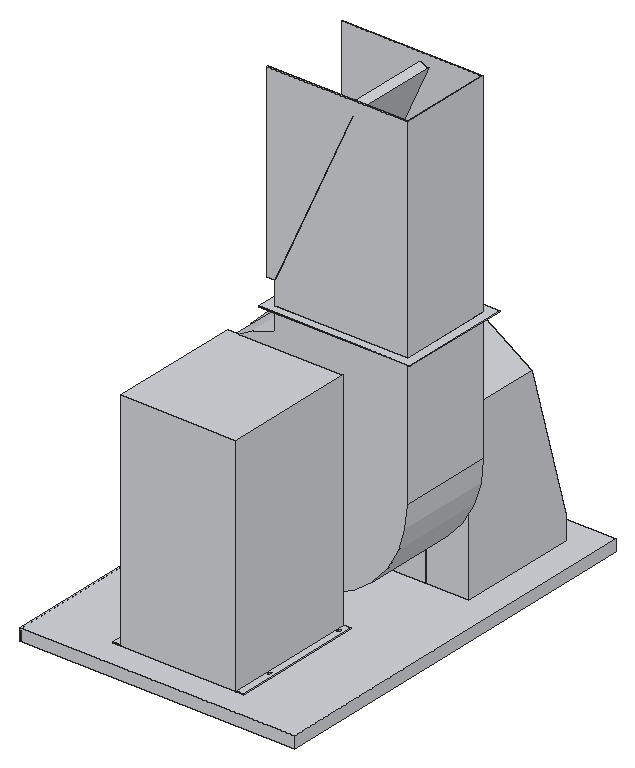
Revit family "CPSLE", category Mechanical Equipment, Revit 2019
Family settings
  Round Connector Dimension = Use Diameter
  Part Type = Normal
  Work Plane-Based = No
  Always vertical = Yes
  Cut with Voids When Loaded = No
  Shared = No
  Room Calculation Point = No
Parameters (values of type "210_CPSLE")
  Z = 0' - 8 7/8"
  Y = 0' - 10 5/8"
  X = 2' - 2 3/16"
  W+M = W + M  # 1' - 11 1/8"
  W+1.5+K+L = W + 0' 1 1/2" + K + L  # 3' - 4 1/4"
  W+1.5 = W + 0' 1 1/2"  # 0' - 6 1/2"
  W = 0' - 5"
  V = 0' - 10"
  Unit Weight [instance] = ""
  U-.125 = U - 0' 0 1/8"  # 0' - 1 1/2"
  U = 0' - 1 5/8"
  T = 0' - 0 3/4"
  Sones [instance] = ""
  S/2 = S / 2  # 0' - 0 9/32"
  S = 0' - 0 9/16"
  R = 0' - 1"
  Q = 0' - 4"
  P-U = P - U  # 3' - 7 3/4"
  P = 3' - 9 3/8"
  N = 1' - 5 7/8"
  Motor RPM [instance] = ""
  Motor Enclosure [instance] = ""
  ModelID [instance] = ""
  M = 1' - 6 1/8"
  LwA [instance] = ""
  L = 1' - 6 3/4"
  K = 1' - 3"
  J = 1' - 7 5/16"
  HEIGHT*.9 = P * 0.9  # 3' - 4.8375"
  H = 3' - 2 7/8"
  G-V = G - V  # 0' - 1 3/8"
  G = 0' - 11 3/8"
  Fan RPM [instance] = ""
  F-.125 = F - 0' 0 1/8"  # 1' - 5"
  F = 1' - 5 1/8"
  E-U = E - U  # 3' - 2 5/16"
  E-B-U = 3' - 1 5/16"
  E = 3' - 3 15/16"
  D = 2' - 1 3/8"
  CPSLE_C = 7' - 0 1/16"
  CPSLE_B = 2' - 0 5/16"
  CPSLE_A = 1' - 4 1/16"
  CAP_J/2 = CAP_J / 2  # 1' - 11 3/4"
  CAP_J = 3' - 11 1/2"
  CAP_H = 5' - 9 1/2"
  CAP_G/2 = CAP_G / 2  # 1' - 6 13/16"
  CAP_G*.3 = CAP_G * 0.2  # 0' - 7.525"
  CAP_G = 3' - 1 5/8"
  CAP_F = 0' - 4 15/16"
  CAP_E+CAP_D = CAP_E + CAP_D  # 2' - 1 5/8"
  CAP_E = 0' - 4 5/8"  # constant formula
  CAP_D/2 = CAP_D / 2  # 0' - 10 1/2"
  CAP_D = 1' - 9"
  CPSLE_C-P-2" = CPSLE_C - P - 0' 6"  # 2' - 8 11/16"
  C/8*7 = C / 8 * 2.5  # 0' - 8 27/256"
  C/8 = C / 6  # 0' - 4.32292"
  C/2 = C / 2  # 1' - 0 31/32"
  C = 2' - 1 15/16"
  Brake Hp [instance] = ""
  B = 1' - 11"
  Accessories [instance] = ""
  A+.25 = A + 0' 0 1/4"  # 1' - 4 5/16"
  A = 1' - 4 1/16"
  CUT = 0' - 2"
  4" = 0' - 4"  # constant formula
  135 = 133.625°
  1'8" = 1' - 8"  # constant formula
  0 = 0' - 0"  # constant formula
  Voltage [instance] = 0 V
  URL = "www.lorencook.com"
  Type Comments = "Lab Exhaust Flat Blade Centrifugal Blower Inlet Box & Curb Cap"  # constant formula
  Static Pressure [instance] = 0.00 in-wg
  Power [instance] = Voltage * Motor FLA * sqrt(if(Phase = 3, 3, 1))  # 0 VA
  Phase [instance] = 0
  Number of Poles [instance] = 1
  Motor Hp [instance] = "0"
  Motor FLA [instance] = 0 A
  Model = "CPSLE"  # constant formula
  Manufacturer = "Loren Cook Company"
  CFM [instance] = 0 CFM
  1.5 = 0' - 1 1/2"  # constant formula
  ONE EIGTH = 0' - 0 1/8"  # constant formula
  -CAP_E = -(CAP_E)  # -0' - 4 5/8"
  -A = -A  # -1' - 4 1/16"
  -1.5 = -0' - 1 1/2"  # constant formula
  -.125 = -0' - 0 1/8"  # constant formula
  -(CAP_G/2) = -(CAP_G / 2)  # -1' - 6 13/16"
  -(CAP_D+CAP_E) = -(CAP_D + CAP_E)  # -2' - 1 5/8"
  -(A+.25) = -(A + 0' 0 1/4")  # -1' - 4 5/16"
  (C/2)-1.5 = (C / 2) - 0' 1 1/2"  # 0' - 11 15/32"
  (C/2)-.25 = (C / 2) - 0' 0 1/4"  # 1' - 0 23/32"
Types (14): name | Z | Y | X | W+M | W+1.5+K+L | W+1.5 | W | V | U-.125 | U | T | S/2 | S | R | Q | P-U | P | N | M | L | K | J | HEIGHT*.9 | H | G-V | G | F-.125 | F | E-U | E | D | CPSLE_C | CPSLE_B | CPSLE_A | CAP_J/2 | CAP_J | CAP_H | CAP_G/2 | CAP_G*.3 | CAP_G | CAP_F | CAP_E+CAP_D | CAP_D/2 | CAP_D | CPSLE_C-P-2" | C/8*7 | C/8 | C/2 | C | B | A+.25 | A | CUT | -A | -(CAP_G/2) | -(CAP_D+CAP_E) | -(A+.25) | (C/2)-1.5 | (C/2)-.25
  (no name) | 0' - 8 7/8" | 0' - 10 5/8" | 2' - 2 3/16" | 1' - 11 1/8" | 3' - 4 1/4" | 0' - 6 1/2" | 0' - 5" | 0' - 10" | 0' - 1 1/2" | 0' - 1 5/8" | 0' - 0 3/4" | 0' - 0 9/32" | 0' - 0 9/16" | 0' - 1" | 0' - 4" | 3' - 7 3/4" | 3' - 9 3/8" | 1' - 5 7/8" | 1' - 6 1/8" | 1' - 6 3/4" | 1' - 3" | 1' - 7 5/16" | 3' - 4.8375" | 3' - 2 7/8" | 0' - 1 3/8" | 0' - 11 3/8" | 1' - 5" | 1' - 5 1/8" | 3' - 2 5/16" | 3' - 3 15/16" | 2' - 1 3/8" | 7' - 0 1/16" | 2' - 0 5/16" | 1' - 4 1/16" | 1' - 11 3/4" | 3' - 11 1/2" | 5' - 9 1/2" | 1' - 6 13/16" | 0' - 7.525" | 3' - 1 5/8" | 0' - 4 15/16" | 2' - 1 5/8" | 0' - 10 1/2" | 1' - 9" | 2' - 8 11/16" | 0' - 8 27/256" | 0' - 4.32292" | 1' - 0 31/32" | 2' - 1 15/16" | 1' - 11" | 1' - 4 5/16" | 1' - 4 1/16" | 0' - 2" | -1' - 4 1/16" | -1' - 6 13/16" | -2' - 1 5/8" | -1' - 4 5/16" | 0' - 11 15/32" | 1' - 0 23/32"
  135_CPSLE | 0' - 6" | 0' - 8 5/8" | 1' - 5 15/16" | 1' - 7 1/8" | 2' - 6 1/2" | 0' - 5 1/2" | 0' - 4" | 0' - 8" | 0' - 1 1/2" | 0' - 1 5/8" | 0' - 0 3/4" | 0' - 0 9/32" | 0' - 0 9/16" | 0' - 0 3/4" | 0' - 3" | 2' - 6 1/4" | 2' - 7 7/8" | 1' - 0 1/8" | 1' - 3 1/8" | 1' - 1" | 1' - 0" | 1' - 1 1/2" | 2' - 4 11/16" | 2' - 3" | 0' - 1 3/8" | 0' - 9 3/8" | 0' - 10 7/8" | 0' - 11" | 2' - 0 1/16" | 2' - 1 11/16" | 1' - 6" | 5' - 0 1/16" | 1' - 4 1/16" | 0' - 10 5/16" | 1' - 4 3/4" | 2' - 9 1/2" | 4' - 5 1/2" | 1' - 0 1/2" | 0' - 5" | 2' - 1" | 0' - 4 5/8" | 1' - 6 5/8" | 0' - 7" | 1' - 2" | 1' - 10 3/16" | 0' - 5 65/128" | 0' - 2 15/16" | 0' - 8 13/16" | 1' - 5 5/8" | 1' - 2 3/4" | 0' - 10 9/16" | 0' - 10 5/16" | 0' - 2" | -0' - 10 5/16" | -1' - 0 1/2" | -1' - 6 5/8" | -0' - 10 9/16" | 0' - 7 5/16" | 0' - 8 9/16"
  150_CPSLE | 0' - 6 9/16" | 0' - 8 5/8" | 1' - 7 5/8" | 1' - 7 1/8" | 2' - 7 5/8" | 0' - 5 1/2" | 0' - 4" | 0' - 8" | 0' - 1 1/2" | 0' - 1 5/8" | 0' - 0 3/4" | 0' - 0 9/32" | 0' - 0 9/16" | 0' - 0 3/4" | 0' - 3" | 2' - 8 3/4" | 2' - 10 3/8" | 1' - 1 1/4" | 1' - 3 1/8" | 1' - 2 1/8" | 1' - 0" | 1' - 2 5/8" | 2' - 6 15/16" | 2' - 5 1/16" | 0' - 1 3/8" | 0' - 9 3/8" | 1' - 0 1/16" | 1' - 0 3/16" | 2' - 2 7/8" | 2' - 4 1/2" | 1' - 7 1/16" | 5' - 4 1/16" | 1' - 5 3/4" | 0' - 11 7/16" | 1' - 6 1/4" | 3' - 0 1/2" | 4' - 7 1/2" | 1' - 1 11/16" | 0' - 5.475" | 2' - 3 3/8" | 0' - 4 9/16" | 1' - 8" | 0' - 7 11/16" | 1' - 3 3/8" | 1' - 11 11/16" | 0' - 5 125/128" | 0' - 3 3/16" | 0' - 9 9/16" | 1' - 7 1/8" | 1' - 4 7/16" | 0' - 11 11/16" | 0' - 11 7/16" | 0' - 2" | -0' - 11 7/16" | -1' - 1 11/16" | -1' - 8" | -0' - 11 11/16" | 0' - 8 1/16" | 0' - 9 5/16"
  165_CPSLE | 0' - 7 3/16" | 0' - 8 5/8" | 1' - 9 1/4" | 1' - 7 1/8" | 2' - 8 13/16" | 0' - 5 1/2" | 0' - 4" | 0' - 8" | 0' - 1 1/2" | 0' - 1 5/8" | 0' - 0 3/4" | 0' - 0 9/32" | 0' - 0 9/16" | 0' - 0 3/4" | 0' - 3" | 2' - 11 3/16" | 3' - 0 13/16" | 1' - 2 7/16" | 1' - 3 1/8" | 1' - 3 5/16" | 1' - 0" | 1' - 3 13/16" | 2' - 9.13125" | 2' - 7 7/16" | 0' - 1 3/8" | 0' - 9 3/8" | 1' - 1 1/4" | 1' - 1 3/8" | 2' - 5 11/16" | 2' - 7 5/16" | 1' - 8 7/16" | 5' - 8 3/8" | 1' - 7 3/8" | 1' - 0 5/8" | 1' - 7 1/4" | 3' - 2 1/2" | 4' - 10 1/2" | 1' - 2 13/16" | 0' - 5.925" | 2' - 5 5/8" | 0' - 4 5/8" | 1' - 9 1/4" | 0' - 8 5/16" | 1' - 4 5/8" | 2' - 1 9/16" | 0' - 6 159/256" | 0' - 3 17/32" | 0' - 10 19/32" | 1' - 9 3/16" | 1' - 6 1/16" | 1' - 0 7/8" | 1' - 0 5/8" | 0' - 2" | -1' - 0 5/8" | -1' - 2 13/16" | -1' - 9 1/4" | -1' - 0 7/8" | 0' - 9 3/32" | 0' - 10 11/32"
  180_CPSLE | 0' - 7 3/4" | 0' - 9 5/8" | 1' - 10 7/8" | 1' - 7 1/8" | 2' - 9 15/16" | 0' - 5 1/2" | 0' - 4" | 0' - 9" | 0' - 1 1/2" | 0' - 1 5/8" | 0' - 0 3/4" | 0' - 0 9/32" | 0' - 0 9/16" | 0' - 1" | 0' - 3" | 3' - 2 1/16" | 3' - 3 11/16" | 1' - 3 9/16" | 1' - 3 1/8" | 1' - 4 7/16" | 1' - 0" | 1' - 4 15/16" | 2' - 11 23/32" | 2' - 9 9/16" | 0' - 1 3/8" | 0' - 10 3/8" | 1' - 2 1/2" | 1' - 2 5/8" | 2' - 8 9/16" | 2' - 10 3/16" | 1' - 10 1/16" | 6' - 1 5/8" | 1' - 9" | 1' - 1 3/4" | 1' - 8 1/4" | 3' - 4 1/2" | 5' - 0 1/2" | 1' - 4" | 0' - 6.4" | 2' - 8" | 0' - 4 5/8" | 1' - 10 5/8" | 0' - 9" | 1' - 6" | 2' - 3 15/16" | 0' - 7 23/256" | 0' - 3 25/32" | 0' - 11 11/32" | 1' - 10 11/16" | 1' - 7 11/16" | 1' - 2" | 1' - 1 3/4" | 0' - 2" | -1' - 1 3/4" | -1' - 4" | -1' - 10 5/8" | -1' - 2" | 0' - 9 27/32" | 0' - 11 3/32"
  195_CPSLE | 0' - 8 5/16" | 0' - 9 5/8" | 2' - 0 1/2" | 1' - 10 1/8" | 3' - 2 1/8" | 0' - 5 1/2" | 0' - 4" | 0' - 9" | 0' - 1 1/2" | 0' - 1 5/8" | 0' - 0 3/4" | 0' - 0 9/32" | 0' - 0 9/16" | 0' - 1" | 0' - 3" | 3' - 3 1/4" | 3' - 4 7/8" | 1' - 4 3/4" | 1' - 6 1/8" | 1' - 5 5/8" | 1' - 3" | 1' - 6 3/16" | 3' - 0.7875" | 2' - 11 11/16" | 0' - 1 3/8" | 0' - 10 3/8" | 1' - 3 11/16" | 1' - 3 13/16" | 2' - 11 3/8" | 3' - 1" | 1' - 11 11/16" | 6' - 5 3/4" | 1' - 10 5/8" | 1' - 2 15/16" | 1' - 9 3/4" | 3' - 7 1/2" | 5' - 6 1/2" | 1' - 5 3/16" | 0' - 6 7/8" | 2' - 10 3/8" | 0' - 4 7/8" | 2' - 0" | 0' - 9 11/16" | 1' - 7 3/8" | 2' - 6 7/8" | 0' - 7 143/256" | 0' - 4 1/32" | 1' - 0 3/32" | 2' - 0 3/16" | 1' - 9 5/16" | 1' - 3 3/16" | 1' - 2 15/16" | 0' - 2" | -1' - 2 15/16" | -1' - 5 3/16" | -2' - 0" | -1' - 3 3/16" | 0' - 10 19/32" | 0' - 11 27/32"
  210_CPSLE | 0' - 8 7/8" | 0' - 10 5/8" | 2' - 2 3/16" | 1' - 11 1/8" | 3' - 4 1/4" | 0' - 6 1/2" | 0' - 5" | 0' - 10" | 0' - 1 1/2" | 0' - 1 5/8" | 0' - 0 3/4" | 0' - 0 9/32" | 0' - 0 9/16" | 0' - 1" | 0' - 4" | 3' - 7 3/4" | 3' - 9 3/8" | 1' - 5 7/8" | 1' - 6 1/8" | 1' - 6 3/4" | 1' - 3" | 1' - 7 5/16" | 3' - 4.8375" | 3' - 2 7/8" | 0' - 1 3/8" | 0' - 11 3/8" | 1' - 5" | 1' - 5 1/8" | 3' - 2 5/16" | 3' - 3 15/16" | 2' - 1 3/8" | 7' - 0 1/16" | 2' - 0 5/16" | 1' - 4 1/16" | 1' - 11 3/4" | 3' - 11 1/2" | 5' - 9 1/2" | 1' - 6 13/16" | 0' - 7.525" | 3' - 1 5/8" | 0' - 4 15/16" | 2' - 1 5/8" | 0' - 10 1/2" | 1' - 9" | 2' - 8 11/16" | 0' - 8 27/256" | 0' - 4.32292" | 1' - 0 31/32" | 2' - 1 15/16" | 1' - 11" | 1' - 4 5/16" | 1' - 4 1/16" | 0' - 2" | -1' - 4 1/16" | -1' - 6 13/16" | -2' - 1 5/8" | -1' - 4 5/16" | 0' - 11 15/32" | 1' - 0 23/32"
  225_CPSLE | 0' - 9 7/16" | 0' - 11 1/8" | 2' - 3 13/16" | 1' - 11 1/8" | 3' - 5 3/8" | 0' - 6 1/2" | 0' - 5" | 0' - 10 1/2" | 0' - 1 1/2" | 0' - 1 5/8" | 0' - 0 3/4" | 0' - 0 9/32" | 0' - 0 9/16" | 0' - 1" | 0' - 4" | 3' - 10" | 3' - 11 5/8" | 1' - 7" | 1' - 6 1/8" | 1' - 7 7/8" | 1' - 3" | 1' - 8 7/16" | 3' - 6.8625" | 3' - 5" | 0' - 1 3/8" | 0' - 11 7/8" | 1' - 6 3/16" | 1' - 6 5/16" | 3' - 5 1/8" | 3' - 6 3/4" | 2' - 3" | 7' - 5" | 2' - 1 15/16" | 1' - 5 3/16" | 2' - 0 3/4" | 4' - 1 1/2" | 6' - 0 1/2" | 1' - 8 1/16" | 0' - 8.025" | 3' - 4 1/8" | 0' - 4 11/16" | 2' - 3 1/8" | 0' - 11 1/4" | 1' - 10 1/2" | 2' - 11 3/8" | 0' - 8 147/256" | 0' - 4.57292" | 1' - 1 23/32" | 2' - 3 7/16" | 2' - 0 5/8" | 1' - 5 7/16" | 1' - 5 3/16" | 0' - 2" | -1' - 5 3/16" | -1' - 8 1/16" | -2' - 3 1/8" | -1' - 5 7/16" | 1' - 0 7/32" | 1' - 1 15/32"
  245_CPSLE | 0' - 10 1/2" | 1' - 0 3/8" | 2' - 7" | 1' - 11 1/8" | 3' - 7 3/16" | 0' - 6 1/2" | 0' - 5" | 0' - 11 1/2" | 0' - 2" | 0' - 2 1/8" | 0' - 1" | 0' - 0 11/32" | 0' - 0 11/16" | 0' - 1" | 0' - 4" | 4' - 1 1/4" | 4' - 3 3/8" | 1' - 9 1/16" | 1' - 6 1/8" | 1' - 9 11/16" | 1' - 3" | 1' - 11" | 3' - 10.2375" | 3' - 8 5/8" | 0' - 1 7/8" | 1' - 1 3/8" | 1' - 7 3/4" | 1' - 7 7/8" | 3' - 8 3/8" | 3' - 10 1/2" | 2' - 5 5/8" | 7' - 10 9/16" | 2' - 4 1/8" | 1' - 6 3/4" | 2' - 1 3/4" | 4' - 3 1/2" | 6' - 3 1/2" | 1' - 9 1/4" | 0' - 8 1/2" | 3' - 6 1/2" | 0' - 4 7/8" | 2' - 4 5/8" | 1' - 0" | 2' - 0" | 3' - 1 3/16" | 0' - 9 51/256" | 0' - 4 29/32" | 1' - 2 23/32" | 2' - 5 7/16" | 2' - 2 13/16" | 1' - 7" | 1' - 6 3/4" | 0' - 2" | -1' - 6 3/4" | -1' - 9 1/4" | -2' - 4 5/8" | -1' - 7" | 1' - 1 7/32" | 1' - 2 15/32"
  120_CPSLE | 0' - 5 7/16" | 0' - 8 5/8" | 1' - 4 5/16" | 1' - 5 1/8" | 2' - 3 3/8" | 0' - 5 1/2" | 0' - 4" | 0' - 8" | 0' - 1 1/2" | 0' - 1 5/8" | 0' - 0 3/4" | 0' - 0 9/32" | 0' - 0 9/16" | 0' - 0 3/4" | 0' - 3" | 2' - 5 3/4" | 2' - 7 3/8" | 0' - 11" | 1' - 1 1/8" | 0' - 11 7/8" | 0' - 10" | 1' - 0 3/8" | 2' - 4.2375" | 2' - 2 1/4" | 0' - 1 3/8" | 0' - 9 3/8" | 0' - 9 5/8" | 0' - 9 3/4" | 1' - 9 3/16" | 1' - 10 13/16" | 1' - 6" | 4' - 8 5/8" | 1' - 2 7/16" | 0' - 9 3/16" | 1' - 3 3/4" | 2' - 7 1/2" | 4' - 0 1/2" | 0' - 11 5/16" | 0' - 4.525" | 1' - 10 5/8" | 0' - 4 5/8" | 1' - 5 3/8" | 0' - 6 3/8" | 1' - 0 3/4" | 1' - 7 1/4" | 0' - 5 5/128" | 0' - 2 11/16" | 0' - 8 1/16" | 1' - 4 1/8" | 1' - 1 1/8" | 0' - 9 7/16" | 0' - 9 3/16" | 0' - 2 1/2" | -0' - 9 3/16" | -0' - 11 5/16" | -1' - 5 3/8" | -0' - 9 7/16" | 0' - 6 9/16" | 0' - 7 13/16"
  100_CPSLE | 0' - 4 5/8" | 0' - 8 5/8" | 1' - 2 1/16" | 1' - 5 1/8" | 2' - 1 3/4" | 0' - 5 1/2" | 0' - 4" | 0' - 8" | 0' - 1 1/2" | 0' - 1 5/8" | 0' - 0 3/4" | 0' - 0 9/32" | 0' - 0 9/16" | 0' - 0 3/4" | 0' - 3" | 2' - 5 1/8" | 2' - 6 3/4" | 0' - 9 3/8" | 1' - 1 1/8" | 0' - 10 1/4" | 0' - 10" | 0' - 10 3/4" | 2' - 3.675" | 2' - 1 1/4" | 0' - 1 3/8" | 0' - 9 3/8" | 0' - 8" | 0' - 8 1/8" | 1' - 5 3/8" | 1' - 7" | 1' - 6" | 4' - 3 3/4" | 1' - 0 3/16" | 0' - 7 9/16" | 1' - 3 3/4" | 2' - 7 1/2" | 3' - 11 1/2" | 0' - 11 5/16" | 0' - 4.525" | 1' - 10 5/8" | 0' - 4 5/8" | 1' - 5 3/8" | 0' - 6 3/8" | 1' - 0 3/4" | 1' - 3" | 0' - 4 53/128" | 0' - 2.35417" | 0' - 7 1/16" | 1' - 2 1/8" | 0' - 10 15/16" | 0' - 7 13/16" | 0' - 7 9/16" | 0' - 3 1/2" | -0' - 7 9/16" | -0' - 11 5/16" | -1' - 5 3/8" | -0' - 7 13/16" | 0' - 5 9/16" | 0' - 6 13/16"
  60_CPSLE | 0' - 4 5/8" | 0' - 8 5/8" | 1' - 2 1/16" | 1' - 5 1/8" | 2' - 1 3/4" | 0' - 5 1/2" | 0' - 4" | 0' - 8" | 0' - 1 1/2" | 0' - 1 5/8" | 0' - 0 3/4" | 0' - 0 9/32" | 0' - 0 9/16" | 0' - 0 3/4" | 0' - 3" | 2' - 5 1/8" | 2' - 6 3/4" | 0' - 9 3/8" | 1' - 1 1/8" | 0' - 10 1/4" | 0' - 10" | 0' - 10 3/4" | 2' - 3.675" | 2' - 1 1/4" | 0' - 1 3/8" | 0' - 9 3/8" | 0' - 8" | 0' - 8 1/8" | 1' - 5 3/8" | 1' - 7" | 1' - 6" | 4' - 3 3/4" | 1' - 0 3/16" | 0' - 7 9/16" | 1' - 3 3/4" | 2' - 7 1/2" | 3' - 11 1/2" | 0' - 11 5/16" | 0' - 4.525" | 1' - 10 5/8" | 0' - 4 5/8" | 1' - 5 3/8" | 0' - 6 3/8" | 1' - 0 3/4" | 1' - 3" | 0' - 4 53/128" | 0' - 2.35417" | 0' - 7 1/16" | 1' - 2 1/8" | 0' - 10 15/16" | 0' - 7 13/16" | 0' - 7 9/16" | 0' - 3 1/2" | -0' - 7 9/16" | -0' - 11 5/16" | -1' - 5 3/8" | -0' - 7 13/16" | 0' - 5 9/16" | 0' - 6 13/16"
  70_CPSLE | 0' - 4 5/8" | 0' - 8 5/8" | 1' - 2 1/16" | 1' - 5 1/8" | 2' - 1 3/4" | 0' - 5 1/2" | 0' - 4" | 0' - 8" | 0' - 1 1/2" | 0' - 1 5/8" | 0' - 0 3/4" | 0' - 0 9/32" | 0' - 0 9/16" | 0' - 0 3/4" | 0' - 3" | 2' - 5 1/8" | 2' - 6 3/4" | 0' - 9 3/8" | 1' - 1 1/8" | 0' - 10 1/4" | 0' - 10" | 0' - 10 3/4" | 2' - 3.675" | 2' - 1 1/4" | 0' - 1 3/8" | 0' - 9 3/8" | 0' - 8" | 0' - 8 1/8" | 1' - 5 3/8" | 1' - 7" | 1' - 6" | 4' - 3 3/4" | 1' - 0 3/16" | 0' - 7 9/16" | 1' - 3 3/4" | 2' - 7 1/2" | 3' - 11 1/2" | 0' - 11 5/16" | 0' - 4.525" | 1' - 10 5/8" | 0' - 4 5/8" | 1' - 5 3/8" | 0' - 6 3/8" | 1' - 0 3/4" | 1' - 3" | 0' - 4 53/128" | 0' - 2.35417" | 0' - 7 1/16" | 1' - 2 1/8" | 0' - 10 15/16" | 0' - 7 13/16" | 0' - 7 9/16" | 0' - 3 1/2" | -0' - 7 9/16" | -0' - 11 5/16" | -1' - 5 3/8" | -0' - 7 13/16" | 0' - 5 9/16" | 0' - 6 13/16"
  80_CPSLE | 0' - 4 5/8" | 0' - 8 5/8" | 1' - 2 1/16" | 1' - 5 1/8" | 2' - 1 3/4" | 0' - 5 1/2" | 0' - 4" | 0' - 8" | 0' - 1 1/2" | 0' - 1 5/8" | 0' - 0 3/4" | 0' - 0 9/32" | 0' - 0 9/16" | 0' - 0 3/4" | 0' - 3" | 2' - 5 1/8" | 2' - 6 3/4" | 0' - 9 3/8" | 1' - 1 1/8" | 0' - 10 1/4" | 0' - 10" | 0' - 10 3/4" | 2' - 3.675" | 2' - 1 1/4" | 0' - 1 3/8" | 0' - 9 3/8" | 0' - 8" | 0' - 8 1/8" | 1' - 5 3/8" | 1' - 7" | 1' - 6" | 4' - 3 3/4" | 1' - 0 3/16" | 0' - 7 9/16" | 1' - 3 3/4" | 2' - 7 1/2" | 3' - 11 1/2" | 0' - 11 5/16" | 0' - 4.525" | 1' - 10 5/8" | 0' - 4 5/8" | 1' - 5 3/8" | 0' - 6 3/8" | 1' - 0 3/4" | 1' - 3" | 0' - 4 53/128" | 0' - 2.35417" | 0' - 7 1/16" | 1' - 2 1/8" | 0' - 10 15/16" | 0' - 7 13/16" | 0' - 7 9/16" | 0' - 3 1/2" | -0' - 7 9/16" | -0' - 11 5/16" | -1' - 5 3/8" | -0' - 7 13/16" | 0' - 5 9/16" | 0' - 6 13/16"
Reference planes (in)
  plane 1 "Center (Front/Back)": y = 0
  plane 2: z = 0
  plane 3 "Center (Left/Right)": x = 0.40541
Forms (in)
  Extrusion 1, solid
    sketch origin (0, 0, 0) x (1, 0, 0) y (0, 1, 0)
      loop
        line (-9.59459, 0) -> (-9.59459, -23.125) -> (10.40541, -23.125) -> (10.40541, 0) -> (-9.59459, 0)
    from 0 to 38.875 <- "H"
  Extrusion 2, solid
    sketch origin (0, 0, 0) x (1, 0, 0) y (0, 1, 0)
      loop
        line (-9.59459, 0) -> (-10.96959, 0) -> (-10.96959, -23.125) -> (-9.59459, -23.125) -> (-9.59459, 0)
      loop
        line (10.40541, 0) -> (10.40541, -23.125) -> (11.78041, -23.125) -> (11.78041, 0) -> (10.40541, 0)
    from 0 to 0.125 <- "ONE EIGTH"
  Extrusion 3, solid
    sketch origin (0, 0, 0) x (1, 0, 0) y (0, 1, 0)
      loop
        line (-10.96959, 17.875) -> (-10.96959, 16.3125) -> (11.78041, 16.3125) -> (11.78041, 17.875) -> (-10.96959, 17.875)
    from 0 to 0.125 <- "ONE EIGTH"
  Extrusion 4, solid
    sketch origin (11.78041, 16.3125, 0) x (-1, 0, 0) y (0, 0, -1)
      loop
        line (22.75, 0) -> (0, 0) -> (0, -25.375) -> (22.75, -25.375) -> (22.75, 0)
    from 0 to 0.125 <- "ONE EIGTH"
  Extrusion 5, void
    sketch origin (11.78041, 16.3125, 0) x (1, 0, 0) y (0, 0, -1)
      loop
        circle (-11.375, -25.375) r 12.96875
    from -0.125 <- "-.125" to 0 <- "0"
  Extrusion 6, void
    sketch origin (0, 0, 0) x (1, 0, 0) y (0, 1, 0)
      loop
        circle (11.03041, -1.625) r 0.28125
      loop
        circle (11.03041, -16.625) r 0.28125
      loop
        circle (-10.21959, -16.625) r 0.28125
      loop
        circle (-10.21959, -1.625) r 0.28125
    from -12 to 12
  Extrusion 7, void
    sketch origin (0, 0, 0) x (1, 0, 0) y (0, 1, 0)
      loop
        circle (11.03041, 17.125) r 0.28125
      loop
        circle (-10.21959, 17.125) r 0.28125
    from -0.125 <- "-.125" to 0.125 <- "ONE EIGTH"
  Extrusion 8, solid
    sketch origin (11.78041, 16.1875, 0) x (-1, 0, 0) y (0, 0, -1)
      loop
        circle (11.375, -25.375) r 12.96875
      loop
        circle (11.375, -25.375) r 12.71875
    from 0 to -1.5 <- "-1.5"
  Extrusion 9, solid
    sketch origin (0, 0, 0) x (1, 0, 0) y (0, 0, 1)
      loop
        arc (-1.40709, 41.375) -> (-9.67387, 7.76594) -> (21.59291, 22.60834) r 19.15625
        line (21.59291, 22.60834) -> (21.59291, 45.375) -> (-1.40709, 45.375) -> (-1.40709, 41.375)
    from 0 to -16.3125 <- "-(A+.25)"
  Extrusion 10, solid
    sketch origin (-1.40709, 0, 45.375) x (1, 0, 0) y (0, 1, 0)
      loop
        line (-1.5625, -1.5) -> (24.625, -1.5) -> (24.625, 17.8125) -> (-1.5625, 17.8125) -> (-1.5625, -1.5)
    from 0 to 0.125 <- "ONE EIGTH"
  Revolve 11, void
    sketch origin (0.40541, 0, 0) x (0, 1, 0) y (0, 0, 1)
      loop
        line (16.3125, 36.84375) -> (11.98958, 33.48047) -> (11.98958, 25.375) -> (16.3125, 25.375) -> (16.3125, 36.84375)
      axis (11.98958, 25.375) -> (16.3125, 25.375)
    angle from 0 to 360
  Extrusion 12, solid
    sketch origin (0, 0, 0) x (1, 0, 0) y (0, 1, 0)
      loop
        line (-23.34459, 41.8125) -> (-23.34459, -27.6875) -> (24.15541, -27.6875) -> (24.15541, 41.8125) -> (-23.34459, 41.8125)
    from 0 to -2
  Extrusion 13, void
    sketch origin (0, 0, 0) x (1, 0, 0) y (0, 1, 0)
      loop
        line (-23.21959, 41.6875) -> (-23.21959, -27.5625) -> (24.03041, -27.5625) -> (24.03041, 41.6875) -> (-23.21959, 41.6875)
    from -0.125 to -2
  Extrusion 14, solid
    sketch origin (0.40541, 0, 0) x (0, 1, 0) y (0, 0, 1)
      loop
        line (16.1875, 0) -> (37.1875, 0) -> (37.1875, 4) -> (26.6875, 40.8375) -> (16.1875, 40.8375) -> (16.1875, 0)
    from -18.8125 <- "-(CAP_G/2)" to 18.8125 <- "CAP_G/2"
  Extrusion 15, void
    sketch origin (0.40541, 37.1875, 4) x (0, 0, 1) y (-1, 0, 0)
      loop
        line (36.8375, -18.8125) -> (36.8375, -7.525) -> (25.55, -18.8125) -> (36.8375, -18.8125)
      loop
        line (36.8375, 18.8125) -> (25.55, 18.8125) -> (36.8375, 7.525) -> (36.8375, 18.8125)
    from 0 to 21 <- "CAP_D"
  Extrusion 16, solid
    sketch origin (0, 16.3125, 0) x (-1, 0, 0) y (0, 0, 1)
      loop
        line (-21.59291, 45.5) -> (1.40709, 45.5) -> (1.40709, 49.5) -> (2.71959, 49.5) -> (2.71959, 82.0625) -> (-21.59291, 82.0625) -> (-21.59291, 45.5)
    from 0 to -16.3125 <- "-(A+.25)"
  Extrusion 17, void
    sketch origin (21.59291, 16.3125, 82.0625) x (0, -1, 0) y (-1, 0, 0)
      loop
        line (0.125, 24.3125) -> (0.125, 0.125) -> (16.1875, 0.125) -> (16.1875, 24.3125) -> (0.125, 24.3125)
    from 0 to 32.6875 <- "CPSLE_C-P-2""
  Extrusion 18, solid
    sketch origin (0, 16.3125, 0) x (-1, 0, 0) y (0, 0, 1)
      loop
        line (2.71959, 50.08436) -> (-10.85015, 80.5625) -> (-12.22047, 79.9524) -> (1.34927, 49.47426) -> (2.71959, 50.08436)
    from 0 to -16.0625 <- "-A"
Cuts and joins
  Extrusion 5, Extrusion 7, Revolve 11 cuts Extrusion 4
  Extrusion 6 cuts Extrusion 1
  Extrusion 6 cuts Extrusion 2
  Extrusion 7 cuts Extrusion 3
  Revolve 11, Extrusion 15 cuts Extrusion 8
  Revolve 11 cuts Extrusion 9
  Extrusion 13 cuts Extrusion 12
  Extrusion 15 cuts Extrusion 14
  Extrusion 17 cuts Extrusion 16
Dimensions and locks (in)
  "0": Extrusion 1 sketch curve to plane 1 "Center (Front/Back)"
  "W+M": plane 1 "Center (Front/Back)" to Extrusion 1 sketch curve
  "V": plane 3 "Center (Left/Right)" to Extrusion 1 sketch curve
  "V": Extrusion 1 sketch curve to plane 3 "Center (Left/Right)"
  "0": Extrusion 2 sketch curve to plane 1 "Center (Front/Back)"  (x2)
  "0": Extrusion 1 to Extrusion 2 sketch curve  (x2)
  "0": Extrusion 2 sketch curve to Extrusion 1  (x2)
  "G-V": Extrusion 2 sketch curve to Extrusion 2 sketch curve  (x2)
  "N": plane 1 "Center (Front/Back)" to Extrusion 3 sketch curve
  "A+.25": Extrusion 3 sketch curve to plane 1 "Center (Front/Back)"
  "0": Extrusion 2 to Extrusion 3 sketch curve  (x2)
  "0": Extrusion 1 to Extrusion 4 sketch curve
  "D": Extrusion 4 sketch curve to Extrusion 4 sketch curve
  "0": Extrusion 4 sketch curve to Extrusion 2  (x2)
  "D": Extrusion 1 to Extrusion 5 sketch curve
  "V": Extrusion 1 to Extrusion 5 sketch curve
  "Y": plane 3 "Center (Left/Right)" to Extrusion 6 sketch curve  (x2)
  "Y": Extrusion 6 sketch curve to plane 3 "Center (Left/Right)"  (x2)
  "W+1.5": Extrusion 1 to Extrusion 6 sketch curve  (x2)
  "K": Extrusion 6 sketch curve to Extrusion 6 sketch curve  (x2)
  "W+1.5+K+L": cut or joined group of Extrusion 1, Extrusion 6 to Extrusion 7 sketch curve  (x2)
  "V": cut or joined group of Extrusion 1, Extrusion 6 to Extrusion 8 sketch curve  (x2)
  "D": Extrusion 8 sketch curve to cut or joined group of Extrusion 1, Extrusion 6  (x2)
  "T": Extrusion 7 sketch curve to cut or joined group of Extrusion 3, Extrusion 7
  "T": cut or joined group of Extrusion 3, Extrusion 7 to Extrusion 7 sketch curve
  "E-U": Extrusion 9 sketch curve to Extrusion 9 sketch curve
  "B": Extrusion 9 sketch curve to Extrusion 9 sketch curve
  "F": plane 3 "Center (Left/Right)" to Extrusion 9 sketch curve
  "P": Extrusion 9 sketch curve to level
  "X": Extrusion 10 sketch curve to Extrusion 10 sketch curve
  "U-.125": Extrusion 10 sketch curve to Extrusion 9
  "J": Extrusion 10 sketch curve to Extrusion 10 sketch curve
  "U": Extrusion 9 to Extrusion 10 sketch curve
  "4"": Extrusion 9 sketch curve to Extrusion 9 sketch curve
  "D": Revolve 11 sketch curve to level  (x2)
  "(C/2)-1.5": Revolve 11 sketch curve to Revolve 11 sketch curve
  "C/8": Revolve 11 sketch curve to Revolve 11 sketch curve
  "C/8*7": Revolve 11 sketch curve to Revolve 11 sketch curve
  "0": Revolve 11 sketch curve to Extrusion 9
  "CAP_J/2": plane 3 "Center (Left/Right)" to Extrusion 12 sketch curve
  "CAP_J/2": Extrusion 12 sketch curve to plane 3 "Center (Left/Right)"
  "CAP_H": Extrusion 12 sketch curve to Extrusion 12 sketch curve
  "CAP_E+CAP_D": cut or joined group of Extrusion 4, Extrusion 5, Extrusion 7, Revolve 11 to Extrusion 12 sketch curve
  "ONE EIGTH": Extrusion 12 to Extrusion 13 sketch curve
  "ONE EIGTH": Extrusion 13 sketch curve to Extrusion 12  (x3)
  "0": Extrusion 14 sketch curve to level
  "HEIGHT*.9": Extrusion 14 sketch curve to level
  "CAP_E": Extrusion 14 sketch curve to cut or joined group of Extrusion 12, Extrusion 13
  "CAP_D": Extrusion 14 sketch curve to Extrusion 14 sketch curve
  "4"": Extrusion 14 sketch curve to level
  "CAP_D/2": Extrusion 14 sketch curve to Extrusion 14 sketch curve
  "0": Extrusion 15 sketch curve to Extrusion 14  (x4)
  "CAP_G*.3": Extrusion 15 sketch curve to plane 3 "Center (Left/Right)"  (x2)
  "0": cut or joined group of Extrusion 9, Revolve 11 to Extrusion 16 sketch curve  (x2)
  "0": Extrusion 10 to Extrusion 16 sketch curve
  "CPSLE_B": Extrusion 16 sketch curve to Extrusion 16 sketch curve
  "4"": Extrusion 16 sketch curve to Extrusion 16 sketch curve
  "CPSLE_C": cut or joined group of Extrusion 12, Extrusion 13 to Extrusion 16 sketch curve
  "0": Extrusion 16 to Extrusion 17 sketch curve
  "ONE EIGTH": Extrusion 17 sketch curve to Extrusion 16  (x3)
  "1.5": cut or joined group of Extrusion 16, Extrusion 17 to Extrusion 18 sketch curve
  "1.5": Extrusion 18 sketch curve to Extrusion 18 sketch curve
  "0": Extrusion 18 sketch curve to cut or joined group of Extrusion 16, Extrusion 17  (x2)
  "C/2": radius of Extrusion 5 sketch curve
  "S/2": radius of Extrusion 6 sketch curve  (x4)
  "S/2": radius of Extrusion 7 sketch curve  (x2)
  "C/2": radius of Extrusion 8 sketch curve
  "(C/2)-.25": radius of Extrusion 8 sketch curve
  angle Extrusion 14 to Extrusion 15 sketch curve = 135.00°
  angle Extrusion 15 sketch curve to Extrusion 14 = 135.00°
  angle Extrusion 18 sketch curve to cut or joined group of Extrusion 16, Extrusion 17 = 24.00°
Automatic sketch dimensions
  Revolve 11 sketch curve to Revolve 11 sketch curve = 0' - 0"
  Revolve 11 sketch curve to Revolve 11 sketch curve = 1' - 1"
Connectors (in)
  electrical at (-9.59459, -11.5625, 19.4375)
    settings: on cut or joined group of Extrusion 1, Extrusion 6, index 1, voltage 0 V, apparent load 0 VA, apparent load phase1 0 VA, apparent load phase2 0 VA, apparent load phase3 0 VA, power factor 1, load classification "Other", number of poles 1, system type 30, power factor state 1, is connector primary yes, connector utility no, sub classification motor no, connector description ""
  hvac at (0.40541, 26.6875, 0), driven by "CAP_D", driven by "CAP_G"
    settings: on cut or joined group of Extrusion 14, Extrusion 15, index 4, duct flow 0 CFM, flow factor 0, pres drop 0.00 in-wg, loss coef 0, conn angle 0.00°, conn width 37 5/8", conn height 21", conn diameter 24", duct sys type 3, conn prof type 1, flow config 0, flow direction 1, loss method 0, conn ref index -1, conn util no, is conn primary yes, conn desc ""
